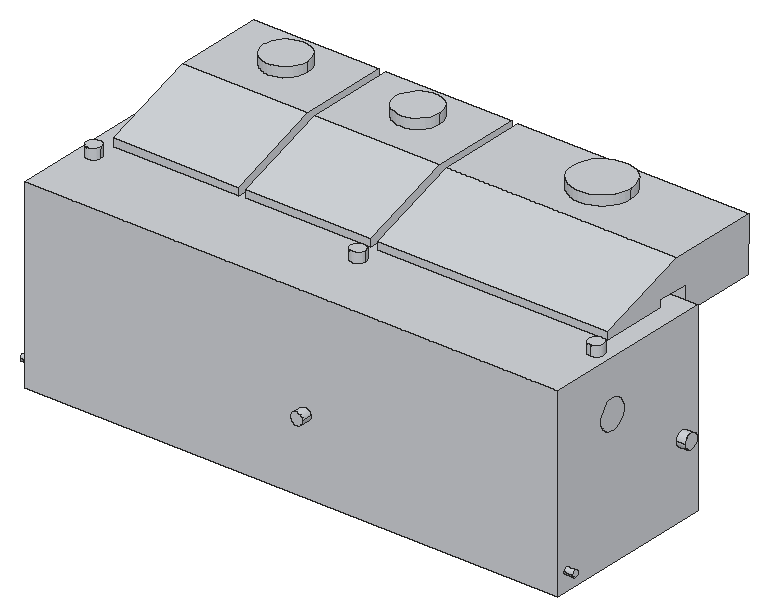
Revit family "856f5c3a525c42fdba4ec04ea6eccd23", category Mechanical Equipment, Revit 2021
Family settings
  Round Connector Dimension = Use Radius
  Part Type = Normal
  OmniClass Number = 23.75.10.11.14.11
  OmniClass Title = Cast-Iron Boilers
  Seek Item ID = Gas Fired Boiler - Cast Iron - 1186 MBH-0000-USA-ENU
  Work Plane-Based = No
  Always vertical = Yes
  Cut with Voids When Loaded = No
  Shared = No
  Room Calculation Point = No
Parameters (values of type "1186 MBH")
  Water Flow [instance] = 9.2 GPM
  Vent Radius 3 = 6"
  Vent Radius 2 = 4 1/2"
  Vent Radius 1 = 4 1/2"
  Vent Length 3 = 2' - 3 7/8"
  Vent Length 2 = 3' - 2"
  Vent Length 1 = 2' - 3 1/4"
  Vent Diameter 3 = Vent Radius 3 * 2  # 12"
  Vent Diameter 1 = Vent Radius 1 * 2  # 9"
  Vent Diameter 2 = Vent Radius 2 * 2  # 9"
  Temperature Rise [instance] = 60 °F
  Supply Length 2 = 4' - 1 1/8"
  Supply Length 1 = 4' - 6 1/2"
  Water Pressure Drop [instance] = 47.50 psi
  Output Heat [instance] = 1185600 Btu/h
  Input Heat [instance] = 1428000.0 Btu/h
  Gas Radius = 5/8"
  Gas Flow [instance] = 0.9 GPM
  Gas Diameter = Gas Radius * 2  # 1 1/4"
  Hot Water Radius = 1 1/2"
  Hot Water Diameter = Hot Water Radius * 2  # 3"
  Exhaust Air Flow [instance] = 0 CFM
  Default Elevation = 0' - 0"
  Cold Water Radius = 1 1/2"
  Cold Water Diameter = Cold Water Radius * 2  # 3"
  Drafthood Length 3 = 3' - 11 1/2"
  Drafthood Length 2 = 2' - 1 205/256"
  Drafthood Length 1 = 2' - 1 205/256"
  Boiler Material = none
  Boiler Length = 9' - 2"
  BHP [instance] = 34.97
  Hot Water Radius 1 = 1 1/2"
  Hot Water Diameter 1 = Hot Water Radius 1 * 2  # 3"
  Cold Water Radius 1 = 1 1/4"
  Cold Water Diameter 1 = Cold Water Radius 1 * 2  # 2 1/2"
Reference planes (in)
  plane 1 "Center (Front/Back)": y = 0
  plane 2: z = 0
  plane 3 "Center (Left/Right)": x = 0
  plane 4: x = 110
  plane 5: y = 36
  plane 6: z = 38
  plane 7: z = 4
  plane 8: y = 2
  plane 9: x = -2
  plane 10: y = 31.8125
  plane 11: z = 15.375
  plane 12: x = 3.25
  plane 13: y = 13.75
  plane 14: z = 40
  plane 15: x = 57.75
  plane 16: x = 82.125
  plane 17: z = 27.5
  plane 18: y = 14
  plane 19: y = 54.1875
  plane 20: z = 34.1875
  plane 21: z = 45.4375
  plane 22: y = 38
  plane 23: y = 31.4375
  plane 24: y = 18
  plane 25: z = 39.5
  plane 26: y = 35.75
  plane 27: y = 46.1875
  plane 28: z = 47.4375
  plane 29: x = 112
  plane 30: x = 106.875
  plane 31: y = -2
  plane 32: x = 58.375
  plane 33: x = 105.875
  plane 34: x = 31.22461
  plane 35: x = 44.125
  plane 36: x = 57.02539
  plane 37: x = 3.97461
  plane 38: x = 16.875
  plane 39: x = 29.77539
Forms (in)
  Extrusion 1, solid, material <- "Boiler Material"
    sketch origin (0, 0, 0) x (1, 0, 0) y (0, 1, 0)
      loop
        line (0, 36) -> (0, 0) -> (110, 0) -> (110, 36) -> (0, 36)
    from 0 to 38
  Extrusion 2, solid, material <- "Boiler Material"
    sketch origin (0, 0, 0) x (0, 1, 0) y (0, 0, 1)
      loop
        circle (2, 4) r 0.625
    from 0 to -2
  Extrusion 3, solid, material <- "Boiler Material"
    sketch origin (0, 0, 0) x (0, 1, 0) y (0, 0, 1)
      loop
        circle (31.8125, 15.375) r 1.5
    from 0 to -2
  Extrusion 4, solid, material <- "Boiler Material"
    sketch origin (0, 0, 0) x (1, 0, 0) y (0, 1, 0)
      loop
        circle (3.25, 13.75) r 1.5
    from 38 to 40
  Extrusion 5, solid, material <- "Boiler Material"
    sketch origin (0, 0, 0) x (1, 0, 0) y (0, 1, 0)
      loop
        circle (57.75, 13.75) r 1.5
    from 38 to 40
  Extrusion 6, solid, material <- "Boiler Material"
    sketch origin (0, 0, 0) x (0, 1, 0) y (0, 0, 1)
      loop
        circle (14, 27.5) r 3
    from 0 to 82.125
  Extrusion 7, solid, material <- "Boiler Material", detail levels fine
    sketch origin (0, 0, 0) x (0, 1, 0) y (0, 0, 1)
      loop
        line (18, 38) -> (31.4375, 38) -> (31.4375, 39.5) -> (38, 39.5) -> (38, 34.1875) -> (54.1875, 34.1875) -> (54.1875, 45.4375) -> (35.75, 45.4375) -> (18, 39.5) -> (18, 38)
    from 58.375 to 105.875
  Extrusion 8, solid, material <- "Boiler Material"
    sketch origin (0, 0, 0) x (1, 0, 0) y (0, 1, 0)
      loop
        circle (82.125, 46.1875) r 6
    from 45.4375 to 47.4375
  Extrusion 9, solid, material <- "Boiler Material"
    sketch origin (34, 0, 0) x (0, 1, 0) y (0, 0, -1)
      loop
        circle (31.8125, -15.375) r 1.5
    from -76 to -78
  Extrusion 10, solid, material <- "Boiler Material"
    sketch origin (44.75, 0, 0) x (0, 1, 0) y (0, 0, -1)
      loop
        circle (14, -27.5) r 3
    from -65.25 to -37.375
  Extrusion 11, solid, material <- "Boiler Material"
    sketch origin (0, 0, 0) x (1, 0, 0) y (0, 0, 1)
      loop
        circle (57.75, 15.375) r 1.25
    from 0 to 2
  Extrusion 12, solid, material <- "Boiler Material"
    sketch origin (0, 57.68752, 4) x (0, 1, 0) y (-1, 0, 0)
      loop
        circle (-43.93752, -106.875) r 1.5
    from 34 to 36
  Extrusion 13, solid, material <- "Boiler Material"
    sketch origin (84.39844, 0, 0) x (0, 1, 0) y (0, 0, -1)
      loop
        circle (2, -4) r 0.625
    from -25.60156 to -27.60156
  Extrusion 14, solid, material <- "Boiler Material", detail levels fine
    sketch origin (115.5, 0, 0) x (0, 1, 0) y (0, 0, -1)
      loop
        line (18, -38) -> (18, -39.5) -> (35.75, -45.4375) -> (54.1875, -45.4375) -> (54.1875, -34.1875) -> (38, -34.1875) -> (38, -39.5) -> (31.4375, -39.5) -> (31.4375, -38) -> (18, -38)
    from 58.47461 to 84.27539
  Extrusion 15, solid, material <- "Boiler Material"
    sketch origin (115.5, 0, 0) x (-1, 0, 0) y (0, -1, 0)
      loop
        circle (71.375, -46.1875) r 4.5
    from 45.4375 to 47.4375
  Extrusion 16, solid, material <- "Boiler Material", detail levels fine
    sketch origin (-55.94922, 0, 0) x (0, 1, 0) y (0, 0, 1)
      loop
        line (18, 38) -> (31.4375, 38) -> (31.4375, 39.5) -> (38, 39.5) -> (38, 34.1875) -> (54.1875, 34.1875) -> (54.1875, 45.4375) -> (35.75, 45.4375) -> (18, 39.5) -> (18, 38)
    from 59.92383 to 85.72461
  Extrusion 17, solid, material <- "Boiler Material"
    sketch origin (-55.94922, 0, 0) x (1, 0, 0) y (0, 1, 0)
      loop
        circle (72.82422, 46.1875) r 4.5
    from 45.4375 to 47.4375
  Extrusion 18, solid, material <- "Boiler Material", detail levels coarse+medium
    sketch origin (0, 57.68752, 4) x (0, 1, 0) y (-1, 0, 0)
      loop
        line (-3.50002, -3.97461) -> (-21.68752, -3.97461) -> (-21.68752, -105.875) -> (-3.50002, -105.875) -> (-3.50002, -3.97461)
    from 30.1875 to 41.4375
  Extrusion 19, solid, material <- "Boiler Material", detail levels coarse+medium
    sketch origin (0, 57.68752, 4) x (0, 1, 0) y (-1, 0, 0)
      loop
        line (-21.68752, -3.97461) -> (-39.68752, -3.97461) -> (-39.68752, -105.875) -> (-21.68752, -105.875) -> (-21.68752, -3.97461)
    from 34 to 41.4375
  Extrusion 20, solid, material <- "Boiler Material", detail levels fine
    sketch origin (0, 0, 0) x (1, 0, 0) y (0, 0, 1)
      loop
        circle (57.75, 15.375) r 1.25
    from 0 to 2
  Extrusion 21, solid, material <- "Boiler Material", detail levels fine
    sketch origin (106.875, 0, 0) x (0, 1, 0) y (0, 0, 1)
      loop
        circle (2, 4) r 0.625
    from -108.875 to -106.875
  Extrusion 22, solid, material <- "Boiler Material", detail levels fine
    sketch origin (106.875, 0, 0) x (0, 1, 0) y (0, 0, 1)
      loop
        circle (31.8125, 15.375) r 1.5
    from -108.875 to -106.875
  Extrusion 23, solid, material <- "Boiler Material", detail levels fine
    sketch origin (0, 0, 0) x (0, 1, 0) y (0, 0, 1)
      loop
        circle (31.8125, 15.375) r 1.5
      loop
        circle (2, 4) r 0.625
    from 110 to 112
Cuts and joins
  joined: Extrusion 7, Extrusion 14, Extrusion 16
  joined: Extrusion 1, Extrusion 4, Extrusion 5, Extrusion 8, Extrusion 12, Extrusion 15, Extrusion 17
  joined: Extrusion 2, Extrusion 3, Extrusion 9, Extrusion 11, Extrusion 13
  joined: Extrusion 18, Extrusion 19
Lines and regions (in)
  model lines, detail levels coarse+medium
    curve 1: line (0, 2, 4) -> (-2, 2, 4)
    curve 2: line (0, 31.8125, 15.375) -> (-2, 31.8125, 15.375)
    curve 3: line (112, 31.8125, 15.375) -> (110, 31.8125, 15.375)
    curve 5: line (110, 2, 4) -> (112, 2, 4)
    curve 6: line (57.75, 0, 15.4109) -> (57.75, -2, 15.4109)
  model lines, detail levels coarse
    curve 4: line (82.125, 46.1875, 45.4375) -> (82.125, 46.1875, 47.4375)
    curve 7: line (44.125, 46.1875, 45.4375) -> (44.125, 46.1875, 47.4375)
    curve 8: line (16.875, 46.1875, 45.4375) -> (16.875, 46.1875, 47.4375)
  symbolic lines, detail levels fine
    curve 9: line (0, 33.3125, 4) -> (-2, 33.3125, 4)
    curve 10: line (-2, 30.3125, 4) -> (0, 30.3125, 4)
    curve 11: line (-2, 33.3125, 4) -> (-2, 30.3125, 4)
    curve 12: line (0, 2.625, 4) -> (-2, 2.625, 4)
    curve 13: line (0, 1.375, 4) -> (-2, 1.375, 4)
    curve 14: line (-2, 2.625, 4) -> (-2, 1.375, 4)
    curve 15: line (56.5, 0, 4) -> (56.5, -2, 4)
    curve 16: line (59, 0, 4) -> (59, -2, 4)
    curve 17: line (56.5, -2, 4) -> (59, -2, 4)
    curve 18: line (110, 2.625, 4) -> (112, 2.625, 4)
    curve 19: line (112, 1.375, 4) -> (110, 1.375, 4)
    curve 20: line (112, 2.625, 4) -> (112, 1.375, 4)
    curve 21: line (110, 33.3125, 4) -> (112, 33.3125, 4)
    curve 22: line (110, 30.3125, 4) -> (112, 30.3125, 4)
    curve 23: line (112, 33.3125, 4) -> (112, 30.3125, 4)
Dimensions and locks (in)
  locked: plane 6 to plane 2 at 38
  locked: plane 5 to plane 1 "Center (Front/Back)" at 36
  "Boiler Length": plane 4 to plane 3 "Center (Left/Right)"
  locked: plane 7 to plane 2 at 4
  locked: plane 8 to plane 1 "Center (Front/Back)" at 2
  locked: plane 3 "Center (Left/Right)" to plane 9 at 2
  locked: plane 5 to plane 10 at 4.1875
  locked: plane 11 to plane 2 at 15.375
  locked: plane 12 to plane 3 "Center (Left/Right)" at 3.25
  locked: plane 13 to plane 1 "Center (Front/Back)" at 13.75
  locked: plane 14 to plane 6 at 2
  "Supply Length 1": plane 15 to plane 12
  "Vent Length 3": plane 4 to plane 16
  locked: plane 17 to plane 2 at 27.5
  locked: plane 18 to plane 1 "Center (Front/Back)" at 14
  locked: plane 19 to plane 1 "Center (Front/Back)" at 54.1875
  locked: plane 20 to plane 2 at 34.1875
  locked: plane 21 to plane 20 at 11.25
  locked: plane 19 to plane 22 at 16.1875
  locked: plane 22 to plane 23 at 6.5625
  locked: plane 23 to plane 24 at 13.4375
  locked: plane 25 to plane 6 at 1.5
  locked: plane 26 to plane 24 at 17.75
  locked: plane 27 to plane 1 "Center (Front/Back)" at 46.1875
  locked: plane 28 to plane 21 at 2
  locked: plane 29 to plane 4 at 2
  "Supply Length 2": plane 30 to plane 15
  locked: plane 1 "Center (Front/Back)" to plane 31 at 2
  "Drafthood Length 3": plane 33 to plane 32
  equal spacing: plane 33, plane 16, plane 32
  "Drafthood Length 2": plane 36 to plane 34
  equal spacing: plane 36, plane 35, plane 34
  "Vent Length 2": plane 16 to plane 35
  "Drafthood Length 1": plane 39 to plane 37
  equal spacing: plane 39, plane 38, plane 37
  "Vent Length 1": plane 35 to plane 38
  "Gas Radius": radius of Extrusion 2 sketch curve
  "Cold Water Radius": radius of Extrusion 3 sketch curve
  "Hot Water Radius": radius of Extrusion 4 sketch curve
  "Hot Water Radius 1": radius of Extrusion 5 sketch curve
  radius of Extrusion 6 sketch curve = 0' - 3"
  "Vent Radius 3": radius of Extrusion 8 sketch curve
  "Cold Water Radius": radius of Extrusion 9 sketch curve
  radius of Extrusion 10 sketch curve = 0' - 3"
  "Cold Water Radius 1": radius of Extrusion 11 sketch curve
  "Hot Water Radius": radius of Extrusion 12 sketch curve
  "Gas Radius": radius of Extrusion 13 sketch curve
  "Vent Radius 2": radius of Extrusion 15 sketch curve
  "Vent Radius 1": radius of Extrusion 17 sketch curve
  "Cold Water Radius 1": radius of Extrusion 20 sketch curve
  "Gas Radius": radius of Extrusion 21 sketch curve
  "Cold Water Radius": radius of Extrusion 22 sketch curve
  "Gas Radius": radius of Extrusion 23 sketch curve
  "Cold Water Radius": radius of Extrusion 23 sketch curve
  aligned and locked: Extrusion 1 to plane 5
  aligned and locked: plane 1 "Center (Front/Back)" to Extrusion 1
  aligned and locked: Extrusion 1 to plane 3 "Center (Left/Right)"
  aligned and locked: plane 4 to Extrusion 1
  aligned and locked: plane 6 to Extrusion 1
  aligned and locked: Extrusion 1 to plane 2
  aligned and locked: plane 8 to Extrusion 2 sketch curve
  aligned and locked: plane 7 to Extrusion 2 sketch curve
  aligned and locked: Extrusion 2 to plane 9
  aligned and locked: plane 3 "Center (Left/Right)" to Extrusion 2
  aligned and locked: plane 10 to Extrusion 3 sketch curve
  aligned and locked: plane 11 to Extrusion 3 sketch curve
  aligned and locked: Extrusion 3 to plane 9
  aligned and locked: plane 3 "Center (Left/Right)" to Extrusion 3
  aligned and locked: plane 13 to Extrusion 4 sketch curve
  aligned and locked: plane 12 to Extrusion 4 sketch curve
  aligned and locked: plane 14 to Extrusion 4
  aligned and locked: Extrusion 4 to plane 6
  aligned and locked: plane 15 to Extrusion 5 sketch curve
  aligned and locked: plane 13 to Extrusion 5 sketch curve
  aligned and locked: plane 14 to Extrusion 5
  aligned and locked: Extrusion 5 to plane 6
  aligned and locked: plane 18 to Extrusion 6 sketch curve
  aligned and locked: plane 17 to Extrusion 6 sketch curve
  aligned and locked: Extrusion 6 to plane 3 "Center (Left/Right)"
  aligned and locked: plane 16 to Extrusion 6
  aligned and locked: plane 21 to Extrusion 7
  aligned and locked: Extrusion 7 to plane 19
  aligned and locked: Extrusion 7 to plane 20
  aligned and locked: plane 22 to Extrusion 7
  aligned and locked: Extrusion 7 to plane 25
  aligned and locked: Extrusion 7 to plane 23
  aligned and locked: Extrusion 7 to plane 6
  aligned and locked: plane 24 to Extrusion 7
  aligned and locked: plane 16 to Extrusion 8 sketch curve
  aligned and locked: plane 27 to Extrusion 8 sketch curve
  aligned and locked: plane 21 to Extrusion 8
  aligned and locked: plane 28 to Extrusion 8
  aligned and locked: plane 29 to Extrusion 9
  aligned and locked: Extrusion 9 to plane 4
  aligned and locked: plane 10 to Extrusion 9 sketch curve
  aligned and locked: plane 11 to Extrusion 9 sketch curve
  aligned and locked: Extrusion 10 to plane 16
  aligned and locked: plane 4 to Extrusion 10
  aligned and locked: plane 18 to Extrusion 10 sketch curve
  aligned and locked: plane 17 to Extrusion 10 sketch curve
  aligned and locked: plane 3 "Center (Left/Right)" to curve 1
  aligned and locked: plane 9 to curve 1
  aligned and locked: plane 7 to curve 1
  aligned and locked: plane 3 "Center (Left/Right)" to curve 2
  aligned and locked: plane 9 to curve 2
  aligned and locked: curve 2 to plane 10
  aligned and locked: plane 4 to curve 3
  aligned and locked: plane 29 to curve 3
  aligned and locked: curve 3 to plane 10
  aligned and locked: plane 28 to curve 4
  aligned and locked: plane 16 to curve 4
  aligned and locked: plane 15 to Extrusion 11 sketch curve
  aligned and locked: plane 11 to Extrusion 11 sketch curve
  aligned and locked: plane 31 to Extrusion 11
  aligned and locked: plane 30 to Extrusion 12 sketch curve
  aligned and locked: plane 13 to Extrusion 12 sketch curve
  aligned and locked: Extrusion 12 to plane 14
  aligned and locked: plane 6 to Extrusion 12
  aligned and locked: Extrusion 13 to plane 4
  aligned and locked: plane 29 to Extrusion 13
  aligned and locked: plane 7 to Extrusion 13 sketch curve
  aligned and locked: plane 8 to Extrusion 13 sketch curve
  aligned and locked: curve 6 to plane 15
  aligned and locked: plane 1 "Center (Front/Back)" to curve 6
  aligned and locked: plane 31 to curve 6
  aligned and locked: plane 4 to curve 5
  aligned and locked: plane 29 to curve 5
  aligned and locked: plane 8 to curve 5
  aligned and locked: plane 33 to Extrusion 7
  aligned and locked: Extrusion 7 to plane 32
  aligned and locked: plane 36 to Extrusion 14
  aligned and locked: Extrusion 14 to plane 34
  aligned and locked: plane 35 to curve 7
  aligned and locked: plane 35 to Extrusion 15 sketch curve
  aligned and locked: plane 27 to Extrusion 15 sketch curve
  aligned and locked: plane 39 to Extrusion 16
  aligned and locked: Extrusion 16 to plane 37
  aligned and locked: plane 38 to curve 8
  aligned and locked: plane 38 to Extrusion 17 sketch curve
  aligned and locked: plane 27 to Extrusion 17 sketch curve
  aligned and locked: cut or joined group of Extrusion 2, Extrusion 3, Extrusion 9, Extrusion 11, Extrusion 13 to curve 9
  aligned and locked: curve 9 to cut or joined group of Extrusion 2, Extrusion 3, Extrusion 9, Extrusion 11, Extrusion 13
  aligned and locked: curve 10 to cut or joined group of Extrusion 2, Extrusion 3, Extrusion 9, Extrusion 11, Extrusion 13
  aligned and locked: cut or joined group of Extrusion 2, Extrusion 3, Extrusion 9, Extrusion 11, Extrusion 13 to curve 10
  aligned and locked: cut or joined group of Extrusion 2, Extrusion 3, Extrusion 9, Extrusion 11, Extrusion 13 to curve 12
  aligned and locked: curve 12 to cut or joined group of Extrusion 2, Extrusion 3, Extrusion 9, Extrusion 11, Extrusion 13
  aligned and locked: cut or joined group of Extrusion 2, Extrusion 3, Extrusion 9, Extrusion 11, Extrusion 13 to curve 13
  aligned and locked: curve 13 to cut or joined group of Extrusion 2, Extrusion 3, Extrusion 9, Extrusion 11, Extrusion 13
  aligned and locked: curve 15 to cut or joined group of Extrusion 2, Extrusion 3, Extrusion 9, Extrusion 11, Extrusion 13
  aligned and locked: cut or joined group of Extrusion 2, Extrusion 3, Extrusion 9, Extrusion 11, Extrusion 13 to curve 15
  aligned and locked: curve 16 to cut or joined group of Extrusion 2, Extrusion 3, Extrusion 9, Extrusion 11, Extrusion 13
  aligned and locked: cut or joined group of Extrusion 2, Extrusion 3, Extrusion 9, Extrusion 11, Extrusion 13 to curve 16
  aligned and locked: curve 18 to cut or joined group of Extrusion 2, Extrusion 3, Extrusion 9, Extrusion 11, Extrusion 13
  aligned and locked: cut or joined group of Extrusion 2, Extrusion 3, Extrusion 9, Extrusion 11, Extrusion 13 to curve 18
  aligned and locked: cut or joined group of Extrusion 2, Extrusion 3, Extrusion 9, Extrusion 11, Extrusion 13 to curve 19
  aligned and locked: curve 19 to cut or joined group of Extrusion 2, Extrusion 3, Extrusion 9, Extrusion 11, Extrusion 13
  aligned and locked: curve 21 to cut or joined group of Extrusion 2, Extrusion 3, Extrusion 9, Extrusion 11, Extrusion 13
  aligned and locked: cut or joined group of Extrusion 2, Extrusion 3, Extrusion 9, Extrusion 11, Extrusion 13 to curve 21
  aligned and locked: curve 22 to cut or joined group of Extrusion 2, Extrusion 3, Extrusion 9, Extrusion 11, Extrusion 13
  aligned and locked: cut or joined group of Extrusion 2, Extrusion 3, Extrusion 9, Extrusion 11, Extrusion 13 to curve 22
  aligned and locked: Extrusion 18 sketch curve to cut or joined group of Extrusion 7, Extrusion 14, Extrusion 16  (x2)
  aligned and locked: Extrusion 18 sketch curve to plane 33
  aligned and locked: Extrusion 18 sketch curve to plane 5
  aligned and locked: Extrusion 18 to curve 4
  aligned and locked: Extrusion 18 to cut or joined group of Extrusion 7, Extrusion 14, Extrusion 16
  aligned and locked: Extrusion 18 to Extrusion 19 sketch curve
  aligned and locked: Extrusion 19 sketch curve to Extrusion 18
  aligned and locked: Extrusion 19 sketch curve to cut or joined group of Extrusion 7, Extrusion 14, Extrusion 16  (x2)
  aligned and locked: Extrusion 19 to curve 4
  aligned and locked: Extrusion 19 to plane 6
  aligned and locked: plane 15 to Extrusion 20 sketch curve
  aligned and locked: plane 11 to Extrusion 20 sketch curve
  aligned and locked: Extrusion 20 to plane 1 "Center (Front/Back)"
  aligned and locked: plane 31 to Extrusion 20
  aligned and locked: plane 8 to Extrusion 21 sketch curve
  aligned and locked: plane 7 to Extrusion 21 sketch curve
  aligned and locked: plane 10 to Extrusion 22 sketch curve
  aligned and locked: plane 11 to Extrusion 22 sketch curve
  aligned and locked: Extrusion 22 to plane 9
  aligned and locked: Extrusion 21 to plane 9
  aligned and locked: plane 3 "Center (Left/Right)" to Extrusion 21
  aligned and locked: plane 3 "Center (Left/Right)" to Extrusion 22
  aligned and locked: plane 10 to Extrusion 23 sketch curve
  aligned and locked: plane 11 to Extrusion 23 sketch curve
  aligned and locked: plane 8 to Extrusion 23 sketch curve
  aligned and locked: plane 7 to Extrusion 23 sketch curve
  aligned and locked: plane 29 to Extrusion 23
  aligned and locked: Extrusion 23 to plane 4
Automatic sketch dimensions
  Extrusion 1 sketch curve to plane 1 "Center (Front/Back)" = 0' - 0"
  Extrusion 1 sketch curve to plane 3 "Center (Left/Right)" = 0' - 0"
  Extrusion 1 sketch curve to plane 4 = 0' - 0"
  Extrusion 1 sketch curve to plane 5 = 0' - 0"
  Extrusion 7 sketch curve to plane 6 = 0' - 0"
  Extrusion 7 sketch curve to plane 24 = 0' - 0"
  Extrusion 7 sketch curve to plane 23 = 0' - 0"
  Extrusion 7 sketch curve to plane 21 = 0' - 0"
  Extrusion 7 sketch curve to plane 26 = 0' - 0"
  Extrusion 7 sketch curve to plane 20 = 0' - 0"
  Extrusion 7 sketch curve to plane 22 = 0' - 0"
  Extrusion 7 sketch curve to plane 19 = 0' - 0"
  Extrusion 7 sketch curve to plane 25 = 0' - 0"  (x2)
  curve 5 to plane 4 = 0' - 0"
  curve 5 to plane 7 = 0' - 0"
  curve 5 to plane 29 = 0' - 0"
  curve 2 to plane 3 "Center (Left/Right)" = 0' - 0"
  curve 2 to plane 9 = 0' - 0"
  curve 8 to plane 21 = 0' - 0"
  curve 8 to plane 28 = 0' - 0"
  curve 7 to plane 21 = 0' - 0"
  curve 4 to plane 21 = 0' - 0"
  curve 7 to plane 28 = 0' - 0"
  curve 6 to plane 31 = 0' - 0"
  curve 6 to plane 1 "Center (Front/Back)" = 0' - 0"
  plane 11 to curve 6 = 0' - 0.0359"
  Extrusion 14 sketch curve to plane 6 = 0' - 0"
  Extrusion 14 sketch curve to plane 24 = 0' - 0"
  Extrusion 14 sketch curve to plane 23 = 0' - 0"
  Extrusion 14 sketch curve to plane 21 = 0' - 0"
  Extrusion 14 sketch curve to plane 26 = 0' - 0"
  Extrusion 14 sketch curve to plane 20 = 0' - 0"
  Extrusion 14 sketch curve to plane 22 = 0' - 0"
  Extrusion 14 sketch curve to plane 19 = 0' - 0"
  Extrusion 14 sketch curve to plane 25 = 0' - 0"  (x2)
  Extrusion 16 sketch curve to plane 6 = 0' - 0"
  Extrusion 16 sketch curve to plane 24 = 0' - 0"
  Extrusion 16 sketch curve to plane 23 = 0' - 0"
  Extrusion 16 sketch curve to plane 21 = 0' - 0"
  Extrusion 16 sketch curve to plane 26 = 0' - 0"
  Extrusion 16 sketch curve to plane 20 = 0' - 0"
  Extrusion 16 sketch curve to plane 22 = 0' - 0"
  Extrusion 16 sketch curve to plane 19 = 0' - 0"
  Extrusion 16 sketch curve to plane 25 = 0' - 0"  (x2)
  plane 8 to curve 20 = 0' - 0 5/8"
  plane 8 to curve 13 = 0' - 0 5/8"
  curve 12 to plane 8 = 0' - 0 5/8"
  curve 20 to plane 8 = 0' - 0 5/8"
  plane 23 to curve 10 = 0' - 1 1/8"
  plane 23 to curve 22 = 0' - 1 1/8"
  curve 21 to plane 10 = 0' - 1 1/2"
  curve 11 to plane 10 = 0' - 1 1/2"
  plane 32 to curve 17 = 0' - 0 5/8"
  curve 17 to plane 36 = 0' - 0.52539"
Connectors (in)
  piping at (3.25, 13.75, 40), diameter 3, driven by "Water Flow", driven by "Water Pressure Drop", driven by "Hot Water Radius"
    settings: on Extrusion 4, index 1, connector inside diameter 3", connector length 0' - 0", flow factor 0, pipe flow 9.2 GPM, pressure drop 47.50 psi, fitting loss kfactor 0, connector angle 0.00°, fixture units 0, engagement length 0' - 0", angle of deflection 0.00°, flow configuration 0, flow direction 2, fitting loss method 4, system type 7, joint type 0, gender type 0, connector reference index -1, connector utility 0, adjustable connector no, is connector primary yes, connector description "Hot Water Out"
  piping at (57.75, 13.75, 40), diameter 3, driven by "Water Flow", driven by "Water Pressure Drop", driven by "Hot Water Radius 1"
    settings: on Extrusion 5, index 2, connector inside diameter 3", connector length 0' - 0", flow factor 0, pipe flow 9.2 GPM, pressure drop 47.50 psi, fitting loss kfactor 0, connector angle 0.00°, fixture units 0, engagement length 0' - 0", angle of deflection 0.00°, flow configuration 0, flow direction 2, fitting loss method 4, system type 7, joint type 0, gender type 0, connector reference index -1, connector utility 0, adjustable connector no, is connector primary no, connector description "Hot Water Out"
  piping at (106.875, 13.75, 40), diameter 3, driven by "Water Flow", driven by "Water Pressure Drop", driven by "Hot Water Radius"
    settings: on Extrusion 12, index 3, connector inside diameter 3", connector length 0' - 0", flow factor 0, pipe flow 9.2 GPM, pressure drop 47.50 psi, fitting loss kfactor 0, connector angle 0.00°, fixture units 0, engagement length 0' - 0", angle of deflection 0.00°, flow configuration 0, flow direction 2, fitting loss method 4, system type 7, joint type 0, gender type 0, connector reference index -1, connector utility 0, adjustable connector no, is connector primary no, connector description "Hot Water Out"
  piping at (-2, 31.8125, 15.375), diameter 3, driven by "Water Flow", driven by "Cold Water Radius"
    settings: on Extrusion 3, index 4, connector inside diameter 3", connector length 0' - 0", flow factor 0, pipe flow 9.2 GPM, pressure drop 0.00 psi, fitting loss kfactor 0, connector angle 0.00°, fixture units 0, engagement length 0' - 0", angle of deflection 0.00°, flow configuration 0, flow direction 1, fitting loss method 0, system type 8, joint type 0, gender type 0, connector reference index -1, connector utility 0, adjustable connector no, is connector primary no, connector description "Cold Water In"
  piping at (112, 31.8125, 15.375), diameter 3, driven by "Cold Water Radius", driven by "Water Flow"
    settings: on Extrusion 9, index 5, connector inside diameter 3", connector length 0' - 0", flow factor 0, pipe flow 9.2 GPM, pressure drop 0.00 psi, fitting loss kfactor 0, connector angle 0.00°, fixture units 0, engagement length 0' - 0", angle of deflection 0.00°, flow configuration 0, flow direction 1, fitting loss method 0, system type 8, joint type 0, gender type 0, connector reference index -1, connector utility 0, adjustable connector no, is connector primary no, connector description "Cold Water In"
  piping at (57.75, -2, 15.375), diameter 2.5, driven by "Water Flow", driven by "Cold Water Radius 1"
    settings: on Extrusion 11, index 6, connector inside diameter 2 1/2", connector length 0' - 0", flow factor 0, pipe flow 9.2 GPM, pressure drop 0.00 psi, fitting loss kfactor 0, connector angle 0.00°, fixture units 0, engagement length 0' - 0", angle of deflection 0.00°, flow configuration 0, flow direction 1, fitting loss method 0, system type 8, joint type 0, gender type 0, connector reference index -1, connector utility 0, adjustable connector no, is connector primary no, connector description "Cold Water In"
  piping at (-2, 2, 4), diameter 1.25, driven by "Gas Radius", driven by "Gas Flow"
    settings: on Extrusion 2, index 7, connector inside diameter 1 1/4", connector length 0' - 0", flow factor 0, pipe flow 0.9 GPM, pressure drop 0.00 psi, fitting loss kfactor 0, connector angle 0.00°, fixture units 0, engagement length 0' - 0", angle of deflection 0.00°, flow configuration 1, flow direction 1, fitting loss method 4, system type 22, joint type 0, gender type 0, connector reference index -1, connector utility 0, adjustable connector no, is connector primary no, connector description "Gas In"
  piping at (112, 2, 4), diameter 1.25, driven by "Gas Radius", driven by "Gas Flow"
    settings: on Extrusion 13, index 8, connector inside diameter 1 1/4", connector length 0' - 0", flow factor 0, pipe flow 0.9 GPM, pressure drop 0.00 psi, fitting loss kfactor 0, connector angle 0.00°, fixture units 0, engagement length 0' - 0", angle of deflection 0.00°, flow configuration 1, flow direction 1, fitting loss method 4, system type 22, joint type 0, gender type 0, connector reference index -1, connector utility 0, adjustable connector no, is connector primary no, connector description "Gas In"
  hvac at (16.875, 46.1875, 47.4375), driven by "Vent Radius 1", driven by "Exhaust Air Flow"
    settings: on Extrusion 17, index 9, duct flow 0 CFM, flow factor 0, pres drop 0.00 in-wg, loss coef 0, conn angle 0.00°, conn width 12", conn height 12", conn diameter 9", duct sys type 3, conn prof type 0, flow config 1, flow direction 2, loss method 0, conn ref index -1, conn util no, is conn primary yes, conn desc ""
  hvac at (44.125, 46.1875, 47.4375), driven by "Vent Radius 2", driven by "Exhaust Air Flow"
    settings: on Extrusion 15, index 10, duct flow 0 CFM, flow factor 0, pres drop 0.00 in-wg, loss coef 0, conn angle 0.00°, conn width 12", conn height 12", conn diameter 9", duct sys type 3, conn prof type 0, flow config 1, flow direction 2, loss method 0, conn ref index -1, conn util no, is conn primary no, conn desc ""
  hvac at (82.125, 46.1875, 47.4375), driven by "Exhaust Air Flow", driven by "Vent Radius 3"
    settings: on Extrusion 8, index 11, duct flow 0 CFM, flow factor 0, pres drop 0.00 in-wg, loss coef 0, conn angle 0.00°, conn width 12", conn height 12", conn diameter 12", duct sys type 3, conn prof type 0, flow config 1, flow direction 2, loss method 0, conn ref index -1, conn util no, is conn primary no, conn desc ""
  piping at (0, 14, 27.5), diameter 1.5
    settings: on Extrusion 6, index 12, connector inside diameter 1 1/2", connector length 0' - 0", flow factor 0, pipe flow 0.0 GPM, pressure drop 0.00 psi, fitting loss kfactor 0, connector angle 0.00°, fixture units 0, engagement length 0' - 0", angle of deflection 0.00°, flow configuration 1, flow direction 2, fitting loss method 0, system type 16, joint type 0, gender type 0, connector reference index -1, connector utility 0, adjustable connector yes, is connector primary no, connector description "Drain Out"
  piping at (110, 14, 27.5), diameter 1.5
    settings: on Extrusion 10, index 13, connector inside diameter 1 1/2", connector length 0' - 0", flow factor 0, pipe flow 0.0 GPM, pressure drop 0.00 psi, fitting loss kfactor 0, connector angle 0.00°, fixture units 0, engagement length 0' - 0", angle of deflection 0.00°, flow configuration 1, flow direction 1, fitting loss method 0, system type 16, joint type 0, gender type 0, connector reference index -1, connector utility 0, adjustable connector yes, is connector primary no, connector description "Drain Out"
  electrical at (110, 18, 19)
    settings: on Extrusion 1, index 14, voltage 0 V, apparent load 0 VA, apparent load phase1 0 VA, apparent load phase2 0 VA, apparent load phase3 0 VA, power factor 1, load classification "Other", number of poles 1, system type 13, power factor state 1, is connector primary yes, connector utility no, sub classification motor no, connector description ""
